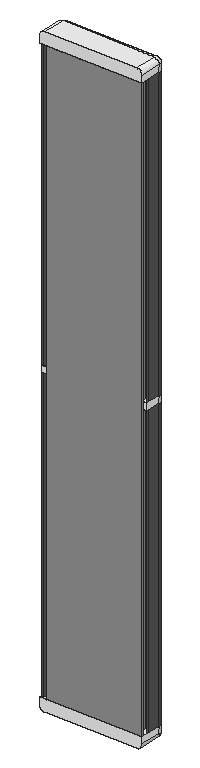
Revit family "JC KONTAKTER JCK257 Armbågskontakt", category Specialty Equipment, host Wall, Revit 2025
Family settings
  Host = Wall
  Round Connector Dimension = Use Diameter
  Part Type = Normal
  Enable Cutting in Views = Yes
  Always vertical = Yes
  Cut with Voids When Loaded = No
  Maintain Annotation Orientation = No
  Shared = No
  Room Calculation Point = No
Parameters (values of type "Armbågskontakt JCK257")
  Tillverkningsland = "Sverige"
  Tekniskt produktblad = "https://jckontakter.se/wp-content/uploads/2019/09/Tekniskt-blad_JCK257-1.pdf"
  Placering av armbågskontakt = "https://jckontakter.se/start/nyheter-och-information/armbagskontakter-placering-riktlinjer/"
  Mikrobrytare = "Standard NO IP67"
  Lägsta märkström = "1mA/4 V DC"
  Core Finish = Aluminum ENAW 6060
  URL = "https://jckontakter.se/produkt/armbagskontakter/armbagskontakt-i-aluminium-jck257/"
  Tillvalsförteckning = "https://jckontakter.se/wp-content/uploads/sites/2/Tillval_metall_2024.pdf"
  Produktvikt = "0.766 kg"
  Nominell märkström = "12 V - Resistive 6A Inductive L/R 5ms 6A, 24 V - Resistive 6A Inductive L/R 5ms 5A"
  Model = "JCK257"
  Manufacturer = "JC Kontakter"  # constant formula
  Lid Finish = Aluminum ENAW 6060 (Svart)
  Keynote = ""
  End Cap Finish = POM Tenac C 4520 (Vit)
  Description = "JCK257 har två tryckytor och är tillverkad i silvereloxerad aluminium med svarta endcaps. Båda tryckytorna är utformade med fyra taktila rillor och fungerar som extra vägledning för personer med synnedsättning. Man kan enkelt känna sig till vart man ska trycka för att aktivera dörröppning.\r\n\r\nJCK247 ingår i en produktserie av armbågskontakter med två tryckytor som är lika stora. Serien är särskilt utvecklad för miljöer med dubbla slagdörrar och gör det möjligt att styra varje dörr separat med en egen tryckknapp. Funktionen bidrar till att minska kallras och drag, samt spar energi jämfört med att båda dörrar åker upp vid varje öppning. Dessa armbågskontakter kan även vara lämpliga i en passage där det finns två ingångar till lokalen."
  Default Elevation = 0 mm
  CE Dokument = "https://jckontakter.se/wp-content/uploads/CE_Dokument.pdf"
  Assembly Code = ""
  Antal mikrobrytare = 2
Types (2, lengths in mm): name | Tekniskt produktblad | URL | Produktvikt | Nominell märkström | Model | Lid Finish | End Cap Finish | Description
  Armbågskontakt JCK247 | "https://jckontakter.se/wp-content/uploads/2019/09/Tekniskt-blad_JCK247-1.pdf" | "https://jckontakter.se/produkt/armbagskontakter/armbagskontakt-i-aluminium-jck247/" | "0.766 kg." | "0,1A - 10 A/250 V AC" | "JCK247" | Aluminum ENAW 6060 | POM Tenac C 4520 | "JCK247 har två tryckytor och är tillverkad i silvereloxerad aluminium med svarta endcaps. Båda tryckytorna är utformade med fyra taktila rillor och fungerar som extra vägledning för personer med synnedsättning. Man kan enkelt känna sig till vart man ska trycka för att aktivera dörröppning.\r\n\r\nJCK247 ingår i en produktserie av armbågskontakter med två tryckytor som är lika stora. Serien är särskilt utvecklad för miljöer med dubbla slagdörrar och gör det möjligt att styra varje dörr separat med en egen tryckknapp. Funktionen bidrar till att minska kallras och drag, samt spar energi jämfört med att båda dörrar åker upp vid varje öppning. Dessa armbågskontakter kan även vara lämpliga i en passage där det finns två ingångar till lokalen."
  Armbågskontakt JCK257 | "https://jckontakter.se/wp-content/uploads/2019/09/Tekniskt-blad_JCK257-1.pdf" | "https://jckontakter.se/produkt/armbagskontakter/armbagskontakt-i-aluminium-jck257/" | "0.766 kg" | "12 V - Resistive 6A Inductive L/R 5ms 6A, 24 V - Resistive 6A Inductive L/R 5ms 5A" | "JCK257" | Aluminum ENAW 6060 (Svart) | POM Tenac C 4520 (Vit) | "JCK257 har två tryckytor och är tillverkad i silvereloxerad aluminium med svarta endcaps. Båda tryckytorna är utformade med fyra taktila rillor och fungerar som extra vägledning för personer med synnedsättning. Man kan enkelt känna sig till vart man ska trycka för att aktivera dörröppning.\r\n\r\nJCK247 ingår i en produktserie av armbågskontakter med två tryckytor som är lika stora. Serien är särskilt utvecklad för miljöer med dubbla slagdörrar och gör det möjligt att styra varje dörr separat med en egen tryckknapp. Funktionen bidrar till att minska kallras och drag, samt spar energi jämfört med att båda dörrar åker upp vid varje öppning. Dessa armbågskontakter kan även vara lämpliga i en passage där det finns två ingångar till lokalen."
Reference planes
  plane 1 "Wall": y = 0
  plane 2 "Center (Left/Right)": x = 125
  plane 3 "Back": y = 75
  plane 4 "A": z = 800
Lines and regions (mm)
  Masking region 1
    outline origin (0, 0, -34) x (1, 0, 0) y (0, 0, 1)
      loop
        line (175, 1145) -> (75, 1145) -> (75, 834) -> (175, 834) -> (175, 1145)
  symbolic lines
    curve 1: line (75, 125, 0) -> (175, 125, 0)
    curve 2: line (75, 75, 0) -> (75, 125, 0)
    curve 3: line (175, 75, 0) -> (75, 75, 0)
    curve 4: line (175, 125, 0) -> (175, 75, 0)
Text (mm)
  text "Placement Side" at (-1848.837, 1116.779, 0), in view "Ref. Level"
  text "Placement side" at (0, 1409.804, 2854.306), in view "Left"
  text "Placement side" at (0, 499.811, 2980.732), in view "Right"
Dimensions and locks
  locked: plane 3 "Back" to host wall
  locked: curve 3 to curve 1 at 50
  aligned and locked: plane 1 "Wall" to host wall
  aligned and locked: nested 1 to plane 3 "Back"
  aligned and locked: curve 3 to plane 3 "Back"
Nested families
  nested 1: "AK_247" at (125, 75, 800) x (-1, 0, 0) z (0, 0, 1), type "AK 247", detail levels medium+fine
Definition of nested family "AK_247"
  Parameters (values of type "AK 247")
    Core Finish = none
    URL = ""
    Model = ""
    Manufacturer = "JC Kontakter"  # constant formula
    Lid Finish = none
    End Cap Finish = none
    Description = ""
    Default Elevation = 0 mm
  Reference planes
    plane 1 "Center (Front/Back)": y = 0
    plane 2: z = 0
    plane 3 "Center (Left/Right)": x = 0
    plane 4 "1": x = 40
    plane 5 "A": z = 9
    plane 6 "B": z = 468
    plane 7 "C": z = 236
  Forms (mm)
    Extrusion 1, solid, material <- "Core Finish"
      sketch origin (40, 0, 9) x (1, 0, 0) y (0, 1, 0)
        loop
          line (-80, 0) -> (-80, -1.2) -> (-75, -1.2) -> (-75, -8.75) -> (-73.2, -8.75) -> (-73.2, -1.2) -> (-11.2, -1.2) -> (-11.2, -8.75) -> (-2.249, -8.75)
          arc (-2.249, -8.75) -> (-3.331, -3.54) -> (-8.11, -1.2) r 6.05
          line (-8.11, -1.2) -> (-5.54, -1.2) -> (-5.54, 0) -> (-80, 0)
      from 0 to 459
    Extrusion 2, solid, material <- "Lid Finish"
      sketch origin (-40, 0, 9) x (-1, 0, 0) y (0, -1, 0)
        loop
          line (-3.92, 11.41) -> (-0.92, 6.4) -> (0, 6.4) -> (0, 16.83)
          arc (0, 16.83) -> (-1.464, 20.366) -> (-5, 21.83) r 5
          line (-5, 21.83) -> (-8, 21.83) -> (-8, 22.83) -> (-10, 22.83) -> (-10, 21.83) -> (-14, 21.83) -> (-14, 22.83) -> (-16, 22.83) -> (-16, 21.83) -> (-20, 21.83) -> (-20, 22.83) -> (-22, 22.83) -> (-22, 21.83) -> (-26, 21.83) -> (-26, 22.83) -> (-28, 22.83) -> (-28, 21.83) -> (-75, 21.83)
          arc (-75, 21.83) -> (-78.536, 20.366) -> (-80, 16.83) r 5
          line (-80, 16.83) -> (-80, 2.38) -> (-78.4, 2.38) -> (-78.4, 11.41) -> (-3.92, 11.41)
      from 0 to 227
    Extrusion 3, solid, material <- "End Cap Finish"
      sketch origin (-40, 0, 0) x (1, 0, 0) y (0, 1, 0)
        loop
          arc (0, -16.83) -> (1.464, -20.366) -> (5, -21.83) r 5
          line (5, -21.83) -> (75, -21.83)
          arc (75, -21.83) -> (78.536, -20.366) -> (80, -16.83) r 5
          line (80, -16.83) -> (80, 0) -> (0, 0) -> (0, -16.83)
      from 0 to 9
    Sweep 4, void
      path origin (0, 0, 0) x (1, 0, 0) y (0, 1, 0)
        loop
          line (42, 0) -> (42, -16.83)
          arc (42, -16.83) -> (39.95, -21.78) -> (35, -23.83) r 7
          line (35, -23.83) -> (-35, -23.83)
          arc (-35, -23.83) -> (-39.95, -21.78) -> (-42, -16.83) r 7
          line (-42, -16.83) -> (-42, 0)
      profile origin (0, -23.83, 0) x (0, -1, 0) y (0, 0, 1)
        loop
          line (-1, 4) -> (-2, 4)
          arc (-2, 4) -> (-3.172, 1.172) -> (-6, 0) r 4
          line (-6, 0) -> (-6, -1) -> (-1, -1) -> (-1, 4)
    Extrusion 5, solid, material <- "End Cap Finish"
      sketch origin (0, 0, 468) x (-1, 0, 0) y (0, -1, 0)
        loop
          arc (40, 16.83) -> (38.536, 20.366) -> (35, 21.83) r 5
          line (35, 21.83) -> (-35, 21.83)
          arc (-35, 21.83) -> (-38.536, 20.366) -> (-40, 16.83) r 5
          line (-40, 16.83) -> (-40, 0) -> (40, 0) -> (40, 16.83)
      from 0 to 9
    Sweep 6, void
      path origin (0, 0, 468) x (-1, 0, 0) y (0, -1, 0)
        loop
          line (-42, 0) -> (-42, 16.83)
          arc (-42, 16.83) -> (-39.95, 21.78) -> (-35, 23.83) r 7
          line (-35, 23.83) -> (35, 23.83)
          arc (35, 23.83) -> (39.95, 21.78) -> (42, 16.83) r 7
          line (42, 16.83) -> (42, 0)
      profile origin (0, -23.83, 468) x (0, -1, 0) y (0, 0, 1)
        loop
          line (-1, 5) -> (-1, 10) -> (-6, 10) -> (-6, 9)
          arc (-6, 9) -> (-3.172, 7.828) -> (-2, 5) r 4
          line (-2, 5) -> (-1, 5)
    Extrusion 7, void
      sketch origin (0, 0, 0) x (1, 0, 0) y (0, 1, 0)
        loop
          circle (-31.75, -8.25) r 3.75
        loop
          circle (31.75, -8.25) r 3.75
      from 0 to 4
    Extrusion 8, solid, material <- "Lid Finish"
      sketch origin (0, 0, 236) x (-1, 0, 0) y (0, -1, 0)
        loop
          line (36.08, 11.41) -> (39.08, 6.4) -> (40, 6.4) -> (40, 16.83)
          arc (40, 16.83) -> (38.536, 20.366) -> (35, 21.83) r 5
          line (35, 21.83) -> (32, 21.83) -> (32, 22.83) -> (30, 22.83) -> (30, 21.83) -> (26, 21.83) -> (26, 22.83) -> (24, 22.83) -> (24, 21.83) -> (20, 21.83) -> (20, 22.83) -> (18, 22.83) -> (18, 21.83) -> (14, 21.83) -> (14, 22.83) -> (12, 22.83) -> (12, 21.83) -> (-35, 21.83)
          arc (-35, 21.83) -> (-38.536, 20.366) -> (-40, 16.83) r 5
          line (-40, 16.83) -> (-40, 2.38) -> (-38.4, 2.38) -> (-38.4, 11.41) -> (36.08, 11.41)
      from 5 to 232
    Extrusion 9, solid, material <- "End Cap Finish"
      sketch origin (0, 0, 236) x (-1, 0, 0) y (0, -1, 0)
        loop
          line (-19.5, 16.33) -> (35, 16.33) -> (35, 5) -> (40, 5) -> (40, 16.83)
          arc (40, 16.83) -> (38.536, 20.366) -> (35, 21.83) r 5
          line (35, 21.83) -> (-35, 21.83)
          arc (-35, 21.83) -> (-38.536, 20.366) -> (-40, 16.83) r 5
          line (-40, 16.83) -> (-40, 2) -> (-34.897, 2)
          arc (-34.897, 2) -> (-37.462, 4.894) -> (-37.751, 8.75) r 6.05
          line (-37.751, 8.75) -> (-19.5, 8.75) -> (-19.5, 16.33)
      from 0 to 5
  Cuts and joins
    Sweep 4, Sweep 6, Extrusion 7 cuts Extrusion 3
    Sweep 6 cuts Extrusion 5
  Dimensions and locks
    aligned and locked: level to plane 2
    aligned and locked: plane 6 "B" to Extrusion 8
    aligned and locked: plane 6 "B" to Extrusion 1
